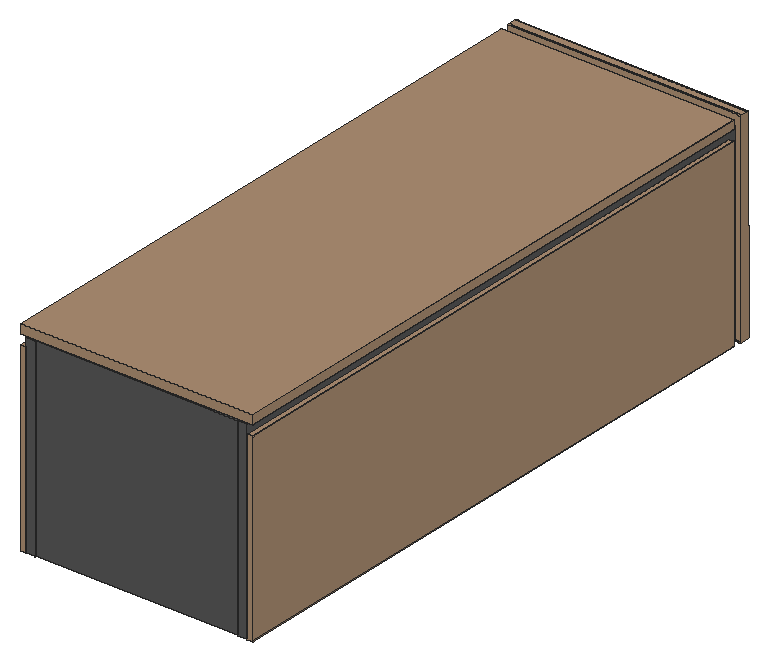
Revit family "Sanitary_Compound-Units_hansgrohe_54284XXX-Xilesa-E-Mid-height-cabinet_400-350_hinge-right", category Furniture, host Face, Revit 2022
Family settings
  Host = Face
  OmniClass Number = 23.21.19.15.33.13
  OmniClass Title = Residential Bathroom Specialty Casework
  Cut with Voids When Loaded = No
  Render Appearance Source = Family Geometry
  Shared = No
  Room Calculation Point = No
Parameters (values of type "550 Cashmere Oak")
  Version = 1  # constant formula
  URL = "https://www.hansgrohe.com/"
  Product data url = "https://www.bimobject.com/en/hansgrohe/product/54284XXX"
  Product Page URL = "https://www.hansgrohe.com/articledetail--54284550"
  Model = "54284XXX"  # constant formula
  Material 3 = Hansgrohe - Metal - Black
  Material 2 = Hansgrohe - MDF - Matt Black
  Material 1 = Hansgrohe - MDF - 550 Cashmere Oak (vertical)
  Manufacturer = "Hansgrohe"  # constant formula
  Height = 0 mm
  Description = "Xilesa E Mid-height cabinet 400/350, door hinge right"  # constant formula
  Default Elevation = 0 mm
  Date Updated = ""
  Date Created = "2024/02/03"  # constant formula
Types (5, lengths in mm): name | Material 1
  (no name) | Hansgrohe - MDF - 550 Cashmere Oak (vertical)
  550 Cashmere Oak | Hansgrohe - MDF - 550 Cashmere Oak (vertical)
  700 Matt White | Hansgrohe - MDF - 700 Matt White
  760 Slate Matt Grey | Hansgrohe - MDF - 760 Slate Matt Grey
  780 Sand Matt Beige | Hansgrohe - MDF - 780 Sand Matt Beige
Reference planes
  plane 1 "Center (Front/Back)": y = 0
  plane 2: z = 0
  plane 3 "Center (Left/Right)": x = 0
  plane 4: x = -200
  plane 5: x = 200
  plane 6: y = -1065
  plane 7: z = 350
Dimensions and locks
  aligned and locked: plane 2 to host face
  aligned and locked: level to host face
Nested families
  nested 1: "54284XXX" at (0, -1065, 0) x (1, 0, 0) z (0, 1, 0), Material 1 <- "Material 1", Material 2 <- "Material 2", Material 3 <- "Material 3", type "54284XXX"
    with Material 3 Hansgrohe - Metal - Black, Material 2 Hansgrohe - MDF - Matt Black, Material 1 Hansgrohe - MDF - 550 Cashmere Oak (vertical)
Definition of nested family "54284XXX"
  Parameters (values of type "54284XXX")
    Version = 1  # constant formula
    URL = "https://www.hansgrohe.com/"
    Product data url = "https://www.bimobject.com/en/hansgrohe/product/54284XXX"
    Product Page URL = "https://www.hansgrohe.com/articledetail--54284550"
    Model = "54284XXX"  # constant formula
    Material 3 [instance] = none
    Material 2 [instance] = none
    Material 1 [instance] = none
    Manufacturer = "Hansgrohe"  # constant formula
    Description = "Xilesa E Mid-height cabinet 400/350, door hinge right"  # constant formula
    Default Elevation = 1219.2 mm
    Date Updated = ""
    Date Created = "2024/12/16"  # constant formula
  Types (3): name
    (no name)
    780 Sand Matt Beige
    54284XXX
  Reference planes
    plane 1 "Center (Front/Back)": y = 0
    plane 2: z = 0
    plane 3 "Center (Left/Right)": x = 0
  Forms (mm)
    Extrusion 1, solid, material <- "Material 1", detail levels medium+fine
      sketch origin (0, 0, 0) x (1, 0, 0) y (0, 1, 0)
        loop
          line (-190.6, 0) -> (-199.2, 0)
          arc (-199.2, 0) -> (-199.766, -0.234) -> (-200, -0.8) r 0.8
          line (-200, -0.8) -> (-200, -315.9)
          arc (-200, -315.9) -> (-199.766, -316.466) -> (-199.2, -316.7) r 0.8
          line (-199.2, -316.7) -> (-190.6, -316.7)
          arc (-190.6, -316.7) -> (-190.034, -316.466) -> (-189.8, -315.9) r 0.8
          line (-189.8, -315.9) -> (-189.8, -0.8)
          arc (-189.8, -0.8) -> (-190.034, -0.234) -> (-190.6, 0) r 0.8
        loop
          arc (190.6, 0) -> (190.034, -0.234) -> (189.8, -0.8) r 0.8
          line (189.8, -0.8) -> (189.8, -315.9)
          arc (189.8, -315.9) -> (190.034, -316.466) -> (190.6, -316.7) r 0.8
          line (190.6, -316.7) -> (199.2, -316.7)
          arc (199.2, -316.7) -> (199.766, -316.466) -> (200, -315.9) r 0.8
          line (200, -315.9) -> (200, -0.8)
          arc (200, -0.8) -> (199.766, -0.234) -> (199.2, 0) r 0.8
          line (199.2, 0) -> (190.6, 0)
      from 0 to 1034
    Extrusion 2, solid, material <- "Material 1", detail levels medium+fine
      sketch origin (0, 0, 0) x (1, 0, 0) y (0, 1, 0)
        loop
          line (-199.2, -350) -> (199.2, -350)
          arc (199.2, -350) -> (199.766, -349.766) -> (200, -349.2) r 0.8
          line (200, -349.2) -> (200, -334.5)
          arc (200, -334.5) -> (199.766, -333.935) -> (199.2, -333.7) r 0.8
          line (199.2, -333.7) -> (-199.2, -333.7)
          arc (-199.2, -333.7) -> (-199.766, -333.935) -> (-200, -334.5) r 0.8
          line (-200, -334.5) -> (-200, -349.2)
          arc (-200, -349.2) -> (-199.766, -349.766) -> (-199.2, -350) r 0.8
      from 0 to 1034
    Extrusion 3, solid, material <- "Material 2", detail levels medium+fine
      sketch origin (0, 0, 0) x (1, 0, 0) y (0, 1, 0)
        loop
          line (-189.8, -0.8) -> (-189.8, -330.9)
          arc (-189.8, -330.9) -> (-189.566, -331.466) -> (-189, -331.7) r 0.8
          line (-189, -331.7) -> (-174.6, -331.7)
          arc (-174.6, -331.7) -> (-174.034, -331.466) -> (-173.8, -330.9) r 0.8
          line (-173.8, -330.9) -> (-173.8, -0.8)
          arc (-173.8, -0.8) -> (-174.034, -0.234) -> (-174.6, 0) r 0.8
          line (-174.6, 0) -> (-189, 0)
          arc (-189, 0) -> (-189.566, -0.234) -> (-189.8, -0.8) r 0.8
        loop
          arc (189.8, -0.8) -> (189.566, -0.234) -> (189, 0) r 0.8
          line (189, 0) -> (174.6, 0)
          arc (174.6, 0) -> (174.034, -0.234) -> (173.8, -0.8) r 0.8
          line (173.8, -0.8) -> (173.8, -330.9)
          arc (173.8, -330.9) -> (174.034, -331.466) -> (174.6, -331.7) r 0.8
          line (174.6, -331.7) -> (189, -331.7)
          arc (189, -331.7) -> (189.566, -331.466) -> (189.8, -330.9) r 0.8
          line (189.8, -330.9) -> (189.8, -0.8)
      from 0 to 1049
    Extrusion 4, solid, material <- "Material 2", detail levels fine
      sketch origin (0, 0, 0) x (1, 0, 0) y (0, 1, 0)
        loop
          line (-173.8, -17) -> (-173.8, -20) -> (173.8, -20) -> (173.8, -17) -> (-173.8, -17)
      from 17 to 1049
    Extrusion 5, solid, material <- "Material 2", detail levels fine
      sketch origin (0, 0, 0) x (1, 0, 0) y (0, 1, 0)
        loop
          line (-173.8, -1) -> (-173.8, -331.7) -> (173.8, -331.7) -> (173.8, -1) -> (-173.8, -1)
      from 0 to 17
    Extrusion 6, solid, material <- "Material 3", detail levels fine
      sketch origin (0, -150, 0) x (1, 0, 0) y (0, 1, 0)
        loop
          line (-172.3, -178.9) -> (-172.3, -161.2) -> (-173.8, -161.2) -> (-173.8, -178.9)
          arc (-173.8, -178.9) -> (-173.126, -180.526) -> (-171.5, -181.2) r 2.3
          line (-171.5, -181.2) -> (171.5, -181.2)
          arc (171.5, -181.2) -> (173.126, -180.526) -> (173.8, -178.9) r 2.3
          line (173.8, -178.9) -> (173.8, -161.2) -> (172.3, -161.2) -> (172.3, -178.9)
          arc (172.3, -178.9) -> (172.066, -179.466) -> (171.5, -179.7) r 0.8
          line (171.5, -179.7) -> (-171.5, -179.7)
          arc (-171.5, -179.7) -> (-172.066, -179.466) -> (-172.3, -178.9) r 0.8
      from 1016.75 to 1046.75
    Extrusion 7, solid, material <- "Material 1", detail levels coarse
      sketch origin (0, 0, 0) x (1, 0, 0) y (0, 1, 0)
        loop
          line (-200, 0) -> (-200, -350) -> (200, -350) -> (200, 0) -> (-200, 0)
      from 0 to 1065
    Extrusion 8, solid, material <- "Material 1", detail levels medium+fine
      sketch origin (0, 0, 0) x (0, 1, 0) y (0, 0, 1)
        loop
          line (-349, 1049) -> (-1, 1049)
          arc (-1, 1049) -> (-0.293, 1049.293) -> (0, 1050) r 1
          line (0, 1050) -> (0, 1064)
          arc (0, 1064) -> (-0.293, 1064.707) -> (-1, 1065) r 1
          line (-1, 1065) -> (-349, 1065)
          arc (-349, 1065) -> (-349.707, 1064.707) -> (-350, 1064) r 1
          line (-350, 1064) -> (-350, 1050)
          arc (-350, 1050) -> (-349.707, 1049.293) -> (-349, 1049) r 1
      from -200 to 200
    Extrusion 9, solid, material <- "Material 3", detail levels fine
      sketch origin (30, -112, 437.999) x (-1, 0, 0) y (0, 0, -1)
        loop
          arc (-119.8, -482) -> (-120.972, -479.172) -> (-123.8, -478) r 4
          line (-123.8, -478) -> (-138.8, -478)
          arc (-138.8, -478) -> (-141.628, -479.172) -> (-142.8, -482) r 4
          line (-142.8, -482) -> (-142.8, -540)
          arc (-142.8, -540) -> (-141.628, -542.829) -> (-138.8, -544) r 4
          line (-138.8, -544) -> (-123.8, -544)
          arc (-123.8, -544) -> (-120.972, -542.829) -> (-119.8, -540) r 4
          line (-119.8, -540) -> (-119.8, -482)
      from 218.9 to 221.7
    Extrusion 10, solid, material <- "Material 3", detail levels fine
      sketch origin (30, -112, 437.999) x (0, 1, 0) y (0, 0, -1)
        loop
          arc (-149.706, -520.501) -> (-147.938, -519.768) -> (-147.206, -518.001) r 2.5
          line (-147.206, -518.001) -> (-147.206, -504.001)
          arc (-147.206, -504.001) -> (-147.938, -502.233) -> (-149.706, -501.501) r 2.5
          line (-149.706, -501.501) -> (-172.206, -501.501)
          arc (-172.206, -501.501) -> (-175.035, -500.329) -> (-176.206, -497.501) r 4
          line (-176.206, -497.501) -> (-176.206, -489.501)
          arc (-176.206, -489.501) -> (-176.938, -487.733) -> (-178.706, -487.001) r 2.5
          line (-178.706, -487.001) -> (-188.706, -487.001)
          arc (-188.706, -487.001) -> (-190.474, -487.733) -> (-191.206, -489.501) r 2.5
          line (-191.206, -489.501) -> (-191.206, -497.501)
          arc (-191.206, -497.501) -> (-192.378, -500.329) -> (-195.206, -501.501) r 4
          line (-195.206, -501.501) -> (-206.544, -501.501) -> (-206.544, -520.501) -> (-195.206, -520.501)
          arc (-195.206, -520.501) -> (-192.378, -521.672) -> (-191.206, -524.501) r 4
          line (-191.206, -524.501) -> (-191.206, -532.501)
          arc (-191.206, -532.501) -> (-190.474, -534.268) -> (-188.706, -535.001) r 2.5
          line (-188.706, -535.001) -> (-178.706, -535.001)
          arc (-178.706, -535.001) -> (-176.938, -534.268) -> (-176.206, -532.501) r 2.5
          line (-176.206, -532.501) -> (-176.206, -524.501)
          arc (-176.206, -524.501) -> (-175.035, -521.672) -> (-172.206, -520.501) r 4
          line (-172.206, -520.501) -> (-149.706, -520.501)
      from -143.8 to -140.45
    Extrusion 11, solid, material <- "Material 3", detail levels fine
      sketch origin (30, -112, 437.999) x (-1, 0, 0) y (0, -1, 0)
        loop
          line (-126.45, 219.2) -> (-140.45, 219.2) -> (-140.45, 147.206) -> (-138.299, 147.206) -> (-138.299, 155.486) -> (-133.066, 160.422) -> (-130.658, 160.187) -> (-126.45, 219.2)
      from 504.25 to 517.75
    Extrusion 12, solid, material <- "Material 3", detail levels fine
      sketch origin (30, -111.925, -426.001) x (-1, 0, 0) y (0, 0, -1)
        loop
          arc (-119.8, -482) -> (-120.972, -479.172) -> (-123.8, -478) r 4
          line (-123.8, -478) -> (-138.8, -478)
          arc (-138.8, -478) -> (-141.628, -479.172) -> (-142.8, -482) r 4
          line (-142.8, -482) -> (-142.8, -540)
          arc (-142.8, -540) -> (-141.628, -542.829) -> (-138.8, -544) r 4
          line (-138.8, -544) -> (-123.8, -544)
          arc (-123.8, -544) -> (-120.972, -542.829) -> (-119.8, -540) r 4
          line (-119.8, -540) -> (-119.8, -482)
      from 218.9 to 221.7
    Extrusion 13, solid, material <- "Material 3", detail levels fine
      sketch origin (30, -111.925, -426.001) x (0, 1, 0) y (0, 0, -1)
        loop
          arc (-149.706, -520.501) -> (-147.938, -519.768) -> (-147.206, -518.001) r 2.5
          line (-147.206, -518.001) -> (-147.206, -504.001)
          arc (-147.206, -504.001) -> (-147.938, -502.233) -> (-149.706, -501.501) r 2.5
          line (-149.706, -501.501) -> (-172.206, -501.501)
          arc (-172.206, -501.501) -> (-175.035, -500.329) -> (-176.206, -497.501) r 4
          line (-176.206, -497.501) -> (-176.206, -489.501)
          arc (-176.206, -489.501) -> (-176.938, -487.733) -> (-178.706, -487.001) r 2.5
          line (-178.706, -487.001) -> (-188.706, -487.001)
          arc (-188.706, -487.001) -> (-190.474, -487.733) -> (-191.206, -489.501) r 2.5
          line (-191.206, -489.501) -> (-191.206, -497.501)
          arc (-191.206, -497.501) -> (-192.378, -500.329) -> (-195.206, -501.501) r 4
          line (-195.206, -501.501) -> (-206.544, -501.501) -> (-206.544, -520.501) -> (-195.206, -520.501)
          arc (-195.206, -520.501) -> (-192.378, -521.672) -> (-191.206, -524.501) r 4
          line (-191.206, -524.501) -> (-191.206, -532.501)
          arc (-191.206, -532.501) -> (-190.474, -534.268) -> (-188.706, -535.001) r 2.5
          line (-188.706, -535.001) -> (-178.706, -535.001)
          arc (-178.706, -535.001) -> (-176.938, -534.268) -> (-176.206, -532.501) r 2.5
          line (-176.206, -532.501) -> (-176.206, -524.501)
          arc (-176.206, -524.501) -> (-175.035, -521.672) -> (-172.206, -520.501) r 4
          line (-172.206, -520.501) -> (-149.706, -520.501)
      from -143.8 to -140.45
    Extrusion 14, solid, material <- "Material 3", detail levels fine
      sketch origin (30, -111.925, -426.001) x (-1, 0, 0) y (0, -1, 0)
        loop
          line (-126.45, 219.2) -> (-140.45, 219.2) -> (-140.45, 147.206) -> (-138.299, 147.206) -> (-138.299, 155.486) -> (-133.066, 160.422) -> (-130.658, 160.187) -> (-126.45, 219.2)
      from 504.25 to 517.75
  Lines and regions (mm)
    Masking region 1
      outline origin (0, 0, 0) x (1, 0, 0) y (0, 0, 1)
        loop
          line (0, 1065) -> (-199, 1065)
          arc (-199, 1065) -> (-199.707, 1064.707) -> (-200, 1064) r 1
          line (-200, 1064) -> (-200, 1050)
          arc (-200, 1050) -> (-199.707, 1049.293) -> (-199, 1049) r 1
          line (-199, 1049) -> (-189.8, 1049) -> (-189.8, 1034) -> (-199, 1034)
          arc (-199, 1034) -> (-199.707, 1033.707) -> (-200, 1033) r 1
          line (-200, 1033) -> (-200, 1)
          arc (-200, 1) -> (-199.707, 0.293) -> (-199, 0) r 1
          line (-199, 0) -> (0, 0) -> (199, 0)
          arc (199, 0) -> (199.707, 0.293) -> (200, 1) r 1
          line (200, 1) -> (200, 1033)
          arc (200, 1033) -> (199.707, 1033.707) -> (199, 1034) r 1
          line (199, 1034) -> (189.8, 1034) -> (189.8, 1049) -> (199, 1049)
          arc (199, 1049) -> (199.707, 1049.293) -> (200, 1050) r 1
          line (200, 1050) -> (200, 1064)
          arc (200, 1064) -> (199.707, 1064.707) -> (199, 1065) r 1
          line (199, 1065) -> (0, 1065)
    Masking region 2
      outline origin (0, 0, 0) x (0, 1, 0) y (0, 0, 1)
        loop
          line (-1, 1065) -> (-349, 1065)
          arc (-349, 1065) -> (-349.707, 1064.707) -> (-350, 1064) r 1
          line (-350, 1064) -> (-350, 1050)
          arc (-350, 1050) -> (-349.707, 1049.293) -> (-349, 1049) r 1
          line (-349, 1049) -> (-331.7, 1049) -> (-331.7, 1018.107) -> (-333.7, 1018.317) -> (-333.7, 1033)
          arc (-333.7, 1033) -> (-333.993, 1033.707) -> (-334.7, 1034) r 1
          line (-334.7, 1034) -> (-349, 1034)
          arc (-349, 1034) -> (-349.707, 1033.707) -> (-350, 1033) r 1
          line (-350, 1033) -> (-350, 1)
          arc (-350, 1) -> (-349.707, 0.293) -> (-349, 0) r 1
          line (-349, 0) -> (-334.7, 0)
          arc (-334.7, 0) -> (-333.993, 0.293) -> (-333.7, 1) r 1
          line (-333.7, 1) -> (-333.7, 15.692) -> (-331.7, 15.867) -> (-331.7, 1)
          arc (-331.7, 1) -> (-331.407, 0.293) -> (-330.7, 0) r 1
          line (-330.7, 0) -> (-1, 0)
          arc (-1, 0) -> (-0.293, 0.293) -> (0, 1) r 1
          line (0, 1) -> (0, 1064)
          arc (0, 1064) -> (-0.293, 1064.707) -> (-1, 1065) r 1
    Masking region 3
      outline origin (0, 0, 0) x (1, 0, 0) y (0, 1, 0)
        loop
          line (-199, -350) -> (199, -350)
          arc (199, -350) -> (199.707, -349.707) -> (200, -349) r 1
          line (200, -349) -> (200, -1)
          arc (200, -1) -> (199.707, -0.293) -> (199, 0) r 1
          line (199, 0) -> (-199, 0)
          arc (-199, 0) -> (-199.707, -0.293) -> (-200, -1) r 1
          line (-200, -1) -> (-200, -349)
          arc (-200, -349) -> (-199.707, -349.707) -> (-199, -350) r 1
    symbolic lines, detail levels medium+fine
      curve 1: line (0, -331.7, 1049) -> (0, 0, 1049)
      curve 2: line (0, -333.7, 1018.317) -> (0, -333.7, 15.692)
      curve 3: line (0, -331.7, 15.867) -> (0, -331.7, 1018.107)
      curve 7: line (0, -333.7, 1009.71) -> (0, -331.7, 1009.885)
      curve 8: line (0, -333.7, 24.317) -> (0, -331.7, 24.107)
      curve 9: line (-189.8, 0, 1034) -> (0, 0, 1034)
      curve 11: line (-189.8, 0, 1049) -> (0, 0, 1049)
      curve 12: line (189.8, 0, 1034) -> (0, 0, 1034)
      curve 14: line (189.8, 0, 1049) -> (0, 0, 1049)
    symbolic lines, detail levels fine
      curve 4: line (0, -316.7, 1033) -> (0, -316.7, 0)
      curve 5: line (0, 0, 1034) -> (0, -315.7, 1034)
      curve 6: arc (0, -315.7, 1034) -> (0, -316.407, 1033.707) -> (0, -316.7, 1033) r 1
      curve 10: line (-173.8, 0, 1034) -> (-173.8, 0, 1049)
      curve 13: line (173.8, 0, 1034) -> (173.8, 0, 1049)
  Dimensions and locks
    aligned and locked: level to plane 2
